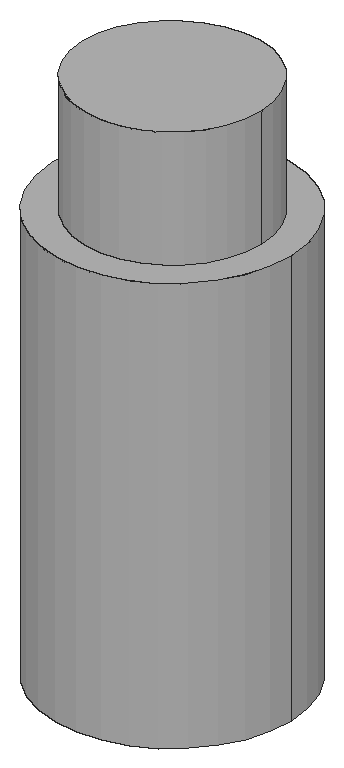
Revit family "Pressure_Transducer_1-2_NPT", category Pipe Accessories, Revit 2027
Family settings
  Round Connector Dimension = Use Diameter
  Part Type = Attaches To
  Work Plane-Based = No
  Always vertical = Yes
  Cut with Voids When Loaded = No
  Shared = No
Parameters
  Default Elevation = 0' - 0"
Reference planes (in)
  plane 1 "Center (Front/Back)": y = 0
  plane 2: z = 0
  plane 3 "Center (Left/Right)": x = 0
Forms (in)
  Extrusion 1, solid, material "Steel - Bell & Gossett - Carbon"
    sketch origin (0, 0, 0) x (1, 0, 0) y (0, 1, 0)
      loop
        circle (0, 0) r 1
    from 0 to 3.5
  Extrusion 2, solid, material "Steel - Bell & Gossett - Carbon"
    sketch origin (0, 0, 0) x (1, 0, 0) y (0, 1, 0)
      loop
        circle (0, 0) r 0.75
    from 3.5 to 4.5
Dimensions and locks (in)
  aligned and locked: plane 2 to level
Connectors (in)
  piping at (0, 0, 0), diameter 0.25
    settings: on Extrusion 1, index 1, connector inside diameter 24", connector length 0' - 0", flow factor 0, pipe flow 0 GPM, pressure drop 0.00 psi, fitting loss kfactor 0, connector angle 0.00°, fixture units 0, engagement length 0' - 0", angle of deflection 0.00°, flow configuration 0, flow direction 0, fitting loss method 0, system type 29, joint type 0, gender type 0, connector reference index -1, connector utility 0, adjustable connector no, is connector primary yes, connector description ""
